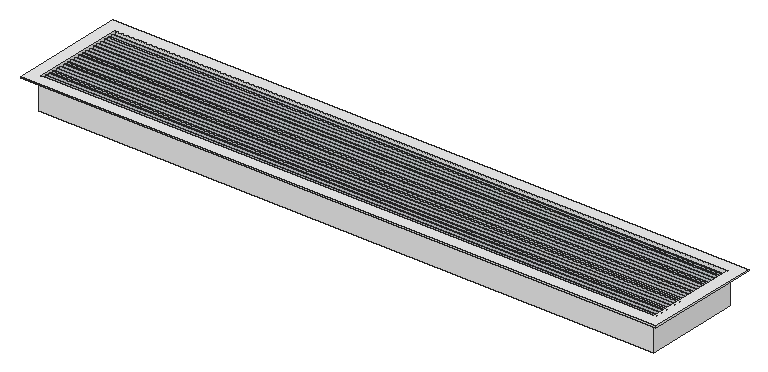
Revit family "DC_Holyoake_MEQ_LD-615SD_13", category Air Terminals, host Face, Revit 2014
Parameters (values of type "LD-615SD")
  Width LD [instance] = 150.0 mm
  URL = "http://www.holyoake.com"
  Type Comments = "Fineline Diffuser Series LD linear bar grilles"  # constant formula
  Static Pressure Min = 4.00 Pa
  Static Pressure Max = 78.00 Pa
  Noise Level NC Min = "< 10 NC"
  Noise Level NC Max = "53 NC"
  Model = "LD-615SD"  # constant formula
  Min Flow = 30 L/s  # constant formula
  Max Flow = 2600 L/s  # constant formula
  Material Face = Holyoake-Aluminium
  Material Body = Holyoake-Aluminium
  Manufacturer = "Holyoake"  # constant formula
  Length LD [instance] = 1000.0 mm
  Holyoake Product Range = "Holyoake Fineline Diffusers"  # constant formula
  Flow = 0 L/s
  Description = "Linear Bar Grille Registers with Vertical Rear Deflector Blades shall be Holyoake Model LD-615-SD with Horizontal Front Linear Bars of 3.25mm Blades at 6.35mm centres set at 15 degrees deflection together with one set of Black Anodised Vertical Airfoil Individually Adjustable Deflection Blades at rear.  Linear Bar Grille Registers shall be of extruded aluminium construction to the sizes as documented. Fine line linear blades shall be mechanically expanded into machine notched mullions spaced at no greater then 300mm centres. Diffusers shall be finished in powder coat and fitted with accessories and dampers where indicated as manufactured by Holyoake"  # constant formula
  Default Elevation = 0.0 mm
  Array Number [instance] = ((Width LD - 25.4 mm) / 6.4 mm) - 0.9  # 19
Reference planes
  plane 1 "Center (Front/Back)": y = 0
  plane 2: z = 0
  plane 3 "Center (Left/Right)": x = 0
  plane 4: x = -500
  plane 5: x = 500
  plane 6: y = 75
  plane 7: y = -75
Forms (mm)
  Sweep 1, solid, material "Holyoake-Aluminium" <- "Material Body"
    path origin (0, 0, 0) x (1, 0, 0) y (0, 1, 0)
      loop
        line (-500, 75) -> (-500, -75) -> (500, -75) -> (500, 75) -> (-500, 75)
    profile origin (0, 75, 0) x (0, 1, 0) y (0, 0, 1)
      loop
        line (2, 0) -> (19, 0) -> (19, 2) -> (0, 2) -> (0, -50) -> (2, -50) -> (2, 0)
  Extrusion 2, void
    sketch origin (0, 0, 0) x (1, 0, 0) y (0, 1, 0)
      loop
        line (-500, 75) -> (-500, -75) -> (500, -75) -> (500, 75) -> (-500, 75)
    from 0 to -1000
Cuts and joins
  Extrusion 2 cuts Sweep 1
Lines and regions (mm)
  reference lines
    curve 1: line (-590.798, 68.65, 0) -> (-485.798, 68.65, 0)
    curve 2: line (-590.798, -68.65, 0) -> (-490.798, -68.65, 0)
Dimensions and locks
  equal spacing: plane 6, plane 1 "Center (Front/Back)", plane 7
  "Width LD": plane 6 to plane 7
  "Length LD": plane 4 to plane 5
  equal spacing: plane 4, plane 3 "Center (Left/Right)", plane 5
  locked: plane 6 to curve 1 at 6.35
  locked: curve 2 to plane 7 at 6.35
  equal spacing: group 1, group 3, group 4, group 5, group 6, group 7, group 8, group 9, group 10, group 11, group 12, group 13, group 14, group 15, group 16, group 17, group 18, group 19, group 2  (x2)
  equal spacing: group 2, group 19, group 18, group 17, group 16, group 15, group 14, group 13, group 12, group 11, group 10, group 9, group 8, group 7, group 6, group 5, group 4, group 3, group 1
  aligned and locked: plane 2 to host face
  aligned and locked: level to host face
  aligned and locked: plane 4 to Sweep 1 sketch curve
  aligned and locked: Sweep 1 sketch curve to plane 6
  aligned and locked: plane 7 to Sweep 1 sketch curve
  aligned and locked: Sweep 1 sketch curve to plane 5
  aligned and locked: plane 4 to nested 1
  aligned and locked: plane 4 to Sweep 1
  aligned and locked: nested 1 to curve 1
  aligned and locked: Sweep 1 to level
  aligned and locked: curve 2 to nested 2
  aligned and locked: plane 4 to nested 2
  aligned and locked: Extrusion 2 sketch curve to Sweep 1  (x3)
  aligned and locked: Sweep 1 to Extrusion 2 sketch curve
Automatic sketch dimensions
  Sweep 1 sketch curve to level = 0.0 mm
  Sweep 1 sketch curve to profile plane = 0.0 mm
  Sweep 1 sketch curve to Sweep 1 sketch curve = 2.0 mm
  Sweep 1 sketch curve to Sweep 1 sketch curve = 17.0 mm
  Sweep 1 sketch curve to Sweep 1 sketch curve = 50.0 mm
  level to Sweep 1 sketch curve = 2.0 mm
  host sketch curve to host sketch curve = 1317.559 mm
  host sketch curve to host sketch curve = 481.337 mm
  curve 2 to plane 4 = 90.798 mm
  curve 1 to curve 2 = 0.0 mm
  plane 4 to curve 2 = 9.202 mm
  plane 4 to curve 1 = 14.202 mm
Nested families
  nested 1: "LD Blade" at (-500, 67.15, 0), Blade Length <- "Length LD", type "LD Blade"
    with Blade Length 1000.0 mm
  nested 2: "LD Blade" at (-500, -68.65, 0), Blade Length <- "Length LD", type "LD Blade"
    with Blade Length 1000.0 mm
  nested 3: "LD Blade" at (-500, 59.606, 0), Blade Length <- "Length LD", type "LD Blade"
    with Blade Length 1000.0 mm
  nested 4: "LD Blade" at (-500, 52.061, 0), Blade Length <- "Length LD", type "LD Blade"
    with Blade Length 1000.0 mm
  nested 5: "LD Blade" at (-500, 44.517, 0), Blade Length <- "Length LD", type "LD Blade"
    with Blade Length 1000.0 mm
  nested 6: "LD Blade" at (-500, 36.972, 0), Blade Length <- "Length LD", type "LD Blade"
    with Blade Length 1000.0 mm
  nested 7: "LD Blade" at (-500, 29.428, 0), Blade Length <- "Length LD", type "LD Blade"
    with Blade Length 1000.0 mm
  nested 8: "LD Blade" at (-500, 21.883, 0), Blade Length <- "Length LD", type "LD Blade"
    with Blade Length 1000.0 mm
  nested 9: "LD Blade" at (-500, 14.339, 0), Blade Length <- "Length LD", type "LD Blade"
    with Blade Length 1000.0 mm
  nested 10: "LD Blade" at (-500, 6.794, 0), Blade Length <- "Length LD", type "LD Blade"
    with Blade Length 1000.0 mm
  nested 11: "LD Blade" at (-500, -0.75, 0), Blade Length <- "Length LD", type "LD Blade"
    with Blade Length 1000.0 mm
  nested 12: "LD Blade" at (-500, -8.294, 0), Blade Length <- "Length LD", type "LD Blade"
    with Blade Length 1000.0 mm
  nested 13: "LD Blade" at (-500, -15.839, 0), Blade Length <- "Length LD", type "LD Blade"
    with Blade Length 1000.0 mm
  nested 14: "LD Blade" at (-500, -23.383, 0), Blade Length <- "Length LD", type "LD Blade"
    with Blade Length 1000.0 mm
  nested 15: "LD Blade" at (-500, -30.928, 0), Blade Length <- "Length LD", type "LD Blade"
    with Blade Length 1000.0 mm
  nested 16: "LD Blade" at (-500, -38.472, 0), Blade Length <- "Length LD", type "LD Blade"
    with Blade Length 1000.0 mm
  nested 17: "LD Blade" at (-500, -46.017, 0), Blade Length <- "Length LD", type "LD Blade"
    with Blade Length 1000.0 mm
  nested 18: "LD Blade" at (-500, -53.561, 0), Blade Length <- "Length LD", type "LD Blade"
    with Blade Length 1000.0 mm
  nested 19: "LD Blade" at (-500, -61.106, 0), Blade Length <- "Length LD", type "LD Blade"
    with Blade Length 1000.0 mm
Definition of nested family "LD Blade"
  Parameters (values of type "LD Blade")
    Blade Material = none
    Blade Length [instance] = 600.0 mm
    Assembly Code = ""
  Reference planes
    plane 1 "Center (Front/Back)": y = 0
    plane 2: z = 0
    plane 3 "Center (Left/Right)": x = 0
    plane 4: x = 600
  Forms (mm)
    Extrusion 1, solid
      sketch origin (0, -1.042, 0) x (1, 0, 0) y (0, 1, 0)
        loop
          line (0, 1.042) -> (600, 1.042) -> (600, 2.542) -> (0, 2.542) -> (0, 1.042)
      from 0 to -20
  Dimensions and locks
    Extrusion 1 sketch curve to Extrusion 1 sketch curve = 1.5 mm
    "Blade Length": plane 3 "Center (Left/Right)" to plane 4
    locked: plane 1 "Center (Front/Back)" to Extrusion 1 at 1.5
    aligned and locked: plane 1 "Center (Front/Back)" to Extrusion 1
    aligned and locked: Extrusion 1 to plane 3 "Center (Left/Right)"
    aligned and locked: plane 4 to Extrusion 1
  Automatic sketch dimensions
    Extrusion 1 sketch curve to plane 1 "Center (Front/Back)" = 1.5 mm
    Extrusion 1 sketch curve to plane 3 "Center (Left/Right)" = 0.0 mm
    plane 4 to Extrusion 1 sketch curve = 0.0 mm
